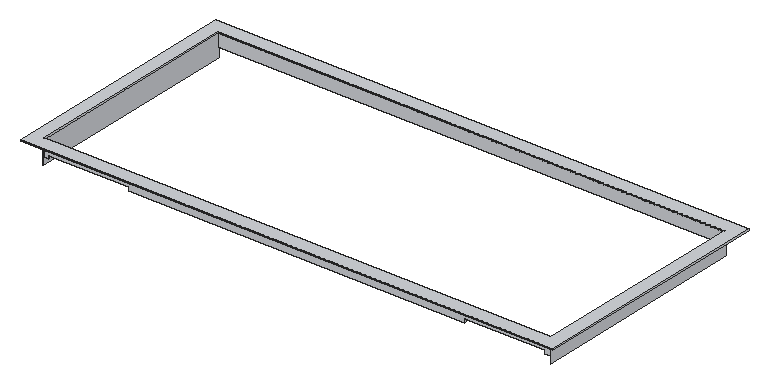
Revit family "DRLT36", category Generic Models, host Face, Revit 2019
Family settings
  Host = Face
  Can host rebar = No
  Round Connector Dimension = Use Diameter
  Part Type = Normal
  Cut with Voids When Loaded = No
  Shared = No
  Room Calculation Point = No
Parameters
  Default Elevation = 48.00"
Reference planes (in)
  plane 1 "Center (Front/Back)": y = 0
  plane 2: z = 0
  plane 3 "Center (Left/Right)": x = 0
Forms (in)
  Extrusion 1, solid
    sketch origin (0, 0, 0) x (1, 0, 0) y (0, 1, 0)
      loop
        line (20.0595, 9.1769) -> (-20.0595, 9.1769) -> (-20.0595, -9.1789) -> (20.0595, -9.1789) -> (20.0595, 9.1769)
      loop
        line (19.0595, 8.177) -> (-19.0595, 8.177) -> (-19.0595, -8.177) -> (19.0595, -8.177) -> (19.0595, 8.177)
    from 0 to 0.09
  Extrusion 2, solid
    sketch origin (0, 0, 0) x (1, 0, 0) y (0, 1, 0)
      loop
        line (19.0595, 8.177) -> (-19.0595, 8.177) -> (-19.0595, -8.177) -> (19.0595, -8.177) -> (19.0595, 8.177)
      loop
        line (19.1205, 8.232) -> (-19.1205, 8.232) -> (-19.1205, -8.2399) -> (19.1205, -8.2399) -> (19.1205, 8.232)
    from 0 to -1.66
  Extrusion 3, void
    sketch origin (0, 0, 0) x (1, 0, 0) y (0, 0, 1)
      loop
        line (-19.0595, -0.9091) -> (-19.0595, -1.66) -> (19.0895, -1.66) -> (19.0895, -0.9091) -> (-19.0595, -0.9091)
    from -9.107 to 0
  Extrusion 4, void
    sketch origin (0, 0, 0) x (1, 0, 0) y (0, 0, 1)
      loop
        line (-18.69765, -0.9091) -> (-18.69765, -1.1591) -> (-19.0595, -1.1591) -> (-19.0595, -1.66) -> (19.0895, -1.66) -> (19.0895, -1.1591) -> (18.69765, -1.1591) -> (18.69765, -0.9091) -> (12.6544, -0.9091) -> (12.6544, -1.1591) -> (-12.6544, -1.1591) -> (-12.6544, -0.9091) -> (-18.69765, -0.9091)
    from 0 to 9.107
Cuts and joins
  Extrusion 3, Extrusion 4 cuts Extrusion 2
Dimensions and locks (in)
  aligned and locked: plane 2 to host face
  aligned and locked: level to host face
